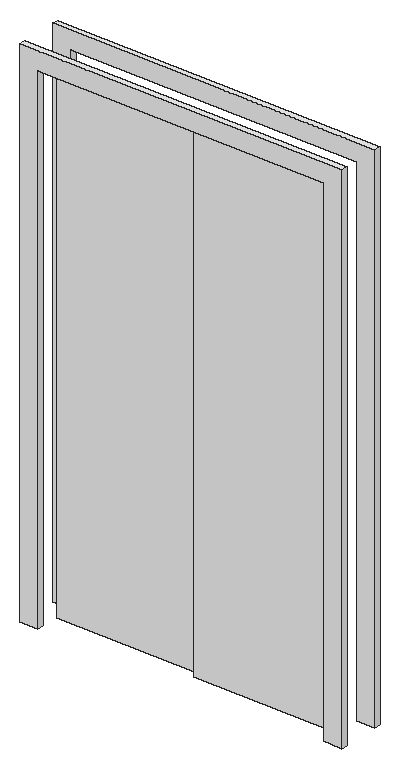
Revit family
Parameters (values of type "1200 x 2100 mm")
  프레임 투영 외부 = 25 mm
  프레임 투영 내부 = 25 mm
  프레임 폭 = 75 mm
  Function = (empty or 0)
  Assembly Code = ""
  Height = 2100 mm
  Wall Closure = (empty or 0)
  Width = 1200 mm
Reference planes
  plane 1: y = 0
  plane 2 "중심(왼쪽/오른쪽)": x = 0
  plane 3 "좌측면": x = -600
  plane 4 "오른쪽": x = 600
  plane 5: z = 2100
  plane 6 "외부": y = 75
  plane 7 "내부": y = -75
Forms (mm)
  Extrusion 1, solid, material "문틀"
    sketch origin (-3050, -75, 0) x (1, 0, 0) y (0, 0, 1)
      loop
        line (2375, 0) -> (2450, 0) -> (2450, 2100) -> (3650, 2100) -> (3650, 0) -> (3725, 0) -> (3725, 2175) -> (2375, 2175) -> (2375, 0)
    from 0 to 25
  Extrusion 2, solid, material "문틀"
    sketch origin (-3050, 75, 0) x (-1, 0, 0) y (0, 0, 1)
      loop
        line (-2450, 0) -> (-2375, 0) -> (-2375, 2175) -> (-3725, 2175) -> (-3725, 0) -> (-3650, 0) -> (-3650, 2100) -> (-2450, 2100) -> (-2450, 0)
    from 0 to 25
  Extrusion 3, solid, material "문짝"
    sketch origin (0, 0, 0) x (1, 0, 0) y (0, 1, 0)
      loop
        line (-600, 30) -> (-600, 0) -> (0, 0) -> (0, 30) -> (-600, 30)
    from 0 to 2100
  Extrusion 4, solid, material "문짝"
    sketch origin (600, -60, 0) x (1, 0, 0) y (0, 1, 0)
      loop
        line (-600, 60) -> (-600, 30) -> (0, 30) -> (0, 60) -> (-600, 60)
    from 0 to 2100
Lines and regions (mm)
  Opening 1
    outline origin (-3050, -75, 0) x (1, 0, 0) y (0, 0, 1)
      loop
        line (2450, 0) -> (3650, 0) -> (3650, 2100) -> (2450, 2100) -> (2450, 0)
  symbolic lines, style "입면도 스윙"
    curve 1: line (600, -75, 1050) -> (-318.75, -75, 2100)
    curve 2: line (600, -75, 1050) -> (-600, -75, 0)
    curve 3: line (-600, 75, 0) -> (600, 75, 1050)
    curve 4: line (600, 75, 1050) -> (-600, 75, 2421.429)
  symbolic lines
    curve 5: line (-600, 75, 0) -> (600, 75, 0)
    curve 6: line (-600, -75, 0) -> (600, -75, 0)
    curve 7: line (-600, 0, 0) -> (600, 0, 0)
    curve 8: line (0, 75, 0) -> (0, -75, 0)
Text (mm)
  text "외부" at (-2295.016, 1099.543, 0), in view "참조 레벨"
  text "외부" at (0, 1615.38, 3698.081), in view "좌측면"
  text "외부" at (0, 1036.032, 3874.932), in view "오른쪽"
Dimensions and locks
  equal spacing: plane 3 "좌측면", plane 2 "중심(왼쪽/오른쪽)", plane 4 "오른쪽"
  "Width": plane 3 "좌측면" to plane 4 "오른쪽"
  "Height": plane 5 to host wall
  equal spacing: host wall, curve 2, plane 5
  equal spacing: host wall, curve 4, plane 5
  "프레임 투영 외부": Extrusion 2 to Extrusion 2
  "프레임 투영 내부": Extrusion 1 to Extrusion 1
  "프레임 폭": plane 3 "좌측면" to Extrusion 1 sketch curve
  "프레임 폭": plane 4 "오른쪽" to Extrusion 1 sketch curve
  "프레임 폭": Extrusion 1 sketch curve to plane 5
  "프레임 폭": plane 4 "오른쪽" to Extrusion 2 sketch curve
  "프레임 폭": plane 3 "좌측면" to Extrusion 2 sketch curve
  "프레임 폭": plane 5 to Extrusion 2 sketch curve
  locked: plane 6 "외부" to host wall at 0
  locked: plane 7 "내부" to host wall
  locked: host wall to Extrusion 3 sketch curve at 30
  locked: Extrusion 4 sketch curve to host wall at 30
  aligned and locked: plane 3 "좌측면" to Opening 1 sketch curve
  aligned and locked: plane 5 to Opening 1 sketch curve  (x2)
  aligned and locked: Opening 1 sketch curve to plane 4 "오른쪽"
  aligned and locked: Opening 1 sketch curve to level
  aligned and locked: level to Extrusion 1 sketch curve
  aligned and locked: plane 5 to Extrusion 1 sketch curve  (x2)
  aligned and locked: Extrusion 1 sketch curve to plane 4 "오른쪽"
  aligned and locked: plane 3 "좌측면" to Extrusion 1 sketch curve
  aligned and locked: plane 3 "좌측면" to Extrusion 2 sketch curve
  aligned and locked: plane 5 to Extrusion 2 sketch curve  (x2)
  aligned and locked: level to Extrusion 2 sketch curve
  aligned and locked: plane 5 to curve 1
  aligned and locked: plane 3 "좌측면" to curve 2
  aligned and locked: plane 1 to host wall
  aligned and locked: Extrusion 3 sketch curve to curve 7
  aligned and locked: Extrusion 4 to host wall
  aligned and locked: host wall to Extrusion 3
  aligned and locked: plane 2 "중심(왼쪽/오른쪽)" to Extrusion 3
  aligned and locked: Extrusion 4 to plane 2 "중심(왼쪽/오른쪽)"
  aligned and locked: plane 3 "좌측면" to Extrusion 3
  aligned and locked: Extrusion 4 to plane 4 "오른쪽"
  aligned and locked: plane 5 to Extrusion 2
  aligned and locked: Extrusion 3 to plane 5
  aligned and locked: Extrusion 4 to plane 5
  aligned and locked: Extrusion 3 to level
  aligned and locked: Extrusion 4 to level
Automatic sketch dimensions
  plane 3 "좌측면" to curve 4 = 0 mm
  curve 3 to level = 0 mm
  curve 2 to level = 0 mm
  plane 3 "좌측면" to curve 3 = 0 mm
  plane 4 "오른쪽" to curve 3 = 0 mm
  plane 4 "오른쪽" to curve 2 = 0 mm
  Extrusion 1 sketch curve to level = 0 mm
  plane 4 "오른쪽" to Extrusion 2 sketch curve = 0 mm
  Extrusion 2 sketch curve to level = 0 mm
  host wall to curve 7 = 0 mm
  curve 7 to plane 3 "좌측면" = 0 mm
  host wall to curve 6 = 0 mm
  curve 6 to plane 3 "좌측면" = 0 mm
  curve 5 to host wall = 0 mm
  curve 5 to plane 3 "좌측면" = 0 mm
  curve 8 to plane 2 "중심(왼쪽/오른쪽)" = 0 mm
  curve 7 to plane 4 "오른쪽" = 0 mm
  curve 6 to plane 4 "오른쪽" = 0 mm
  curve 5 to plane 4 "오른쪽" = 0 mm
  Extrusion 3 sketch curve to plane 3 "좌측면" = 0 mm
  Extrusion 3 sketch curve to plane 2 "중심(왼쪽/오른쪽)" = 0 mm
  host wall to Extrusion 4 sketch curve = 0 mm
  Extrusion 4 sketch curve to plane 2 "중심(왼쪽/오른쪽)" = 0 mm
  Extrusion 4 sketch curve to plane 4 "오른쪽" = 0 mm
